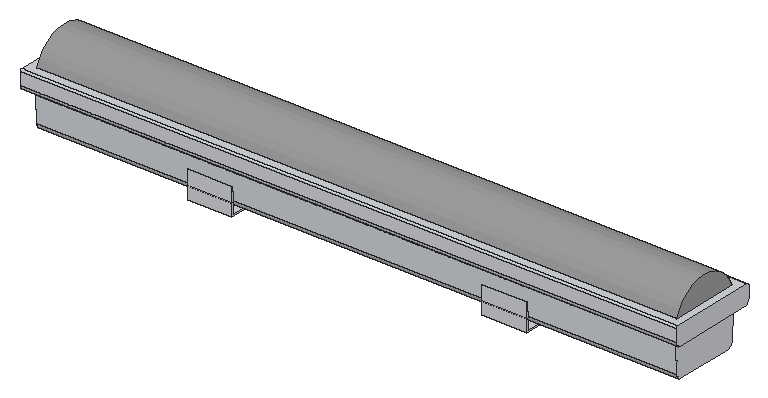
Revit family "0010203", category Lighting Fixtures, host Face, Revit 2017 (continued)
Types (60, lengths in mm): name | Weight | Wattage | TypeName | built-in parameter 1150134 | Photometric Web File | built-in parameter 1150142 | PowerFactor | PowerConsumption | NominalLength | Name | ModelReference | ModelNumber | Model | LuminousEfficacy | built-in parameter 1150105 | Lumens | LampNominalLuminous | LampMacAdamStep | LampColourTemperature | LENGHT_SYL | LENGHT_CHAMFER_SYL | LENGHT-_SYL | LENGHT-_CHAMFER_SYL | L0650_SYL | L1500_SYL | L1200_SYL | built-in parameter 1150107 | built-in parameter 1150106 | built-in parameter 1150104 | DocumentationLiterature | Description | BRACKET_WIDTH_SYL | BRACKET_DIST_SYL | Apparent Load
  0010209 RESISTO 1200 IP66 4800LM 830 | "1.54 kg" | 35 W | "Resisto  1200 IP66 4800lm 830" | (empty or 0) | "0010209.ies" | "IESNA:LM-63-2002\r\n[TEST] 0010209\r\n[TESTLAB]\r\n[MANUFAC] \r\n[LUMCAT]\r\n[LUMINAIRE] Resisto  1200 IP66 4800lm 830  /3000 \r\n[LAMP] 0010209 Resisto  1200 IP66 480/3000\r\n[BALLAST] \r\n[ISSUEDATE]\r\n[OTHER] B-Angle = 0.00 B-Tilt = 0.00 2021-02-16\r\nTILT=NONE\r\n1 4800.00 1 37 5 1 2 0.087 1.200 0.040\r\n1.0 1.0 35.00\r\n   0.00   5.00  10.00  15.00  20.00  25.00  30.00  35.00  40.00  45.00\r\n  50.00  55.00  60.00  65.00  70.00  75.00  80.00  85.00  90.00  95.00\r\n 100.00 105.00 110.00 115.00 120.00 125.00 130.00 135.00 140.00 145.00\r\n 150.00 155.00 160.00 165.00 170.00 175.00 180.00\r\n   0.00  22.50  45.00  67.50  90.00\r\n    1585.30    1578.91    1557.22    1520.74    1469.66    1401.70    1317.94\r\n    1219.39    1109.18     989.81     864.72     736.13     606.34     476.21\r\n     348.19     224.11     111.22      27.50       4.18       4.37       4.27\r\n       4.08       4.51       4.99       5.57       6.19       6.82       7.54\r\n       8.26       9.02       9.84      10.61      11.38      12.10      12.72\r\n      13.10      13.30\r\n    1585.30    1570.46    1538.98    1498.70    1452.77    1396.03    1324.27\r\n    1241.28    1151.66    1052.98     942.19     811.20     658.03     504.43\r\n     370.46     260.59     174.00     108.24      60.86      27.89      13.54\r\n       5.33       5.57       6.00       6.48       6.91       7.34       7.92\r\n       8.54       9.31      10.03      10.75      11.47      12.14      12.58\r\n      13.01      13.30\r\n    1585.30    1561.15    1534.03    1512.67    1473.50    1439.71    1393.78\r\n    1337.04    1254.29    1125.07     948.14     769.01     616.85     494.54\r\n     396.24     315.60     248.40     191.57     144.72     104.69      70.94\r\n      43.82      23.71      11.33       8.78       8.98       9.07       9.17\r\n       9.36       9.70      10.13      10.70      11.38      12.05      12.62\r\n      12.96      13.30\r\n    1585.30    1555.73    1542.58    1520.30    1508.74    1481.04    1448.88\r\n    1376.93    1246.27    1070.35     897.55     750.29     627.46     526.90\r\n     443.95     373.97     310.37     252.43     201.26     147.98      99.12\r\n      67.34      45.65      29.04      17.09      10.80      10.61      10.42\r\n      10.32      10.32      10.46      10.80      11.33      12.00      12.62\r\n      13.06      13.30\r\n    1585.30    1554.14    1545.98    1525.30    1522.85    1497.60    1461.26\r\n    1376.26    1223.62    1048.85     887.38     750.24     635.04     542.21\r\n     463.87     396.82     332.78     271.87     213.46     153.31     104.16\r\n      75.26      53.14      36.91      24.53      15.22      12.96      12.67\r\n      12.38      12.19      12.14      12.29      12.58      13.01      13.34\r\n      13.49      13.30\r\n" | 0.95 | "35 W" | 1200 | "Resisto  1200 IP66 4800lm 830" | "Resisto  1200 IP66 4800lm 830" | "0010209" | "Resisto  1200 IP66 4800lm 830" | "137 lm/W" | 1583.6 (stored number, unit not read) | 4795 lm | "4800 lm" | "5" | "3000 K" | 592 | 600 | -592 | -600 | no | no | yes | 3000 (stored number, unit not read) | 15.836 (stored number, unit not read) | 12.728 (stored number, unit not read) | "http://www.sylvania-lighting.com/product/en-int/products/0010209" | "Resisto, integrated LED weatherproof luminaire, with UV stabilized flat diffuser designed to achieve uniform lit appearance, optimise light output and to reduce glare. 301 stainless steel diffuser clips and fixing brackets for surface mounting. Polycarbonate housing and diffuser - no yellow discolouration over time. 4800lm; 35W; 137lm/W; 3000K; SDCM<5; non dimmable; CRI80; IP66; IK08; Class I; 69,000hrs (L80B20) lifespan; 1200mm x 89mm x 88mm; D-mark." | 400 | 444 | 35 VA
  0010208 RESISTO 1200 IP66 2800LM 830 | "1.5 kg" | 21 W | "Resisto  1200 IP66 2800lm 830" | (empty or 0) | "0010208.ies" | "IESNA:LM-63-2002\r\n[TEST] 0010208\r\n[TESTLAB]\r\n[MANUFAC] \r\n[LUMCAT]\r\n[LUMINAIRE] Resisto  1200 IP66 2800lm 830  /3000 \r\n[LAMP] 0010208 Resisto  1200 IP66 280/3000\r\n[BALLAST] \r\n[ISSUEDATE]\r\n[OTHER] B-Angle = 0.00 B-Tilt = 0.00 2021-02-16\r\nTILT=NONE\r\n1 2800.00 1 37 5 1 2 0.087 1.200 0.040\r\n1.0 1.0 21.00\r\n   0.00   5.00  10.00  15.00  20.00  25.00  30.00  35.00  40.00  45.00\r\n  50.00  55.00  60.00  65.00  70.00  75.00  80.00  85.00  90.00  95.00\r\n 100.00 105.00 110.00 115.00 120.00 125.00 130.00 135.00 140.00 145.00\r\n 150.00 155.00 160.00 165.00 170.00 175.00 180.00\r\n   0.00  22.50  45.00  67.50  90.00\r\n     920.25     916.16     903.39     881.58     851.51     811.86     762.22\r\n     704.59     640.53     571.26     498.57     424.09     349.02     273.95\r\n     200.48     129.08      64.18      16.44       2.49       2.46       2.55\r\n       2.35       2.52       2.80       3.14       3.47       3.84       4.26\r\n       4.68       5.12       5.60       6.05       6.50       6.92       7.25\r\n       7.48       7.62\r\n     920.25     914.98     897.79     871.81     841.74     808.05     766.30\r\n     716.74     662.82     605.22     542.33     469.95     385.36     297.58\r\n     218.79     153.41     101.86      62.69      34.80      15.71       7.48\r\n       2.97       3.14       3.39       3.67       3.92       4.20       4.54\r\n       4.93       5.35       5.77       6.19       6.61       6.97       7.25\r\n       7.48       7.62\r\n     920.25     910.73     890.32     876.46     854.70     830.14     805.45\r\n     771.12     727.55     658.70     561.04     455.90     364.20     290.72\r\n     232.06     184.27     144.65     111.30      83.92      60.73      41.41\r\n      25.65      13.89       6.47       4.98       5.10       5.15       5.21\r\n       5.32       5.52       5.77       6.10       6.50       6.89       7.22\r\n       7.45       7.62\r\n     920.25     907.14     893.34     883.18     871.08     858.73     838.96\r\n     802.51     735.45     635.46     532.84     443.74     370.30     309.90\r\n     260.18     218.51     181.36     147.64     118.24      88.48      59.44\r\n      40.32      27.13      17.16       9.97       6.16       6.05       5.96\r\n       5.91       5.94       5.99       6.19       6.50       6.92       7.28\r\n       7.53       7.62\r\n     920.25     906.22     895.47     885.05     880.82     867.13     850.36\r\n     806.85     725.45     623.59     526.46     444.02     375.09     319.23\r\n     272.75     233.07     196.00     160.72     127.26      92.93      62.80\r\n      45.22      31.75      22.06      14.62       8.99       7.48       7.28\r\n       7.11       7.00       6.97       7.06       7.22       7.48       7.67\r\n       7.73       7.62\r\n" | 0.95 | "21 W" | 1200 | "Resisto  1200 IP66 2800lm 830" | "Resisto  1200 IP66 2800lm 830" | "0010208" | "Resisto  1200 IP66 2800lm 830" | "133 lm/W" | 917.95 (stored number, unit not read) | 2793 lm | "2800 lm" | "5" | "3000 K" | 592 | 600 | -592 | -600 | no | no | yes | 3000 (stored number, unit not read) | 9.1795 (stored number, unit not read) | 12.356 (stored number, unit not read) | "http://www.sylvania-lighting.com/product/en-int/products/0010208" | "Resisto, integrated LED weatherproof luminaire, with UV stabilized flat diffuser designed to achieve uniform lit appearance, optimise light output and to reduce glare. 301 stainless steel diffuser clips and fixing brackets for surface mounting. Polycarbonate housing and diffuser - no yellow discolouration over time. 2800lm; 21W; 133lm/W; 3000K; SDCM<5; non dimmable; CRI80; IP66; IK08; Class I; 69,000hrs (L80B20) lifespan; 1200mm x 89mm x 88mm; D-mark." | 400 | 444 | 21 VA
  0010207 RESISTO 600 HE IP66 2500LM 840 | "0.96 kg" | 16 W | "Resisto  600 HE IP66 2500lm 840" | 12 | "0010207.ies" | "IESNA:LM-63-2002\r\n[TEST] 0010207\r\n[TESTLAB]\r\n[MANUFAC] \r\n[LUMCAT]\r\n[LUMINAIRE] Resisto  600 HE IP66 2500lm 84 0 /4000 \r\n[LAMP] 0010207 Resisto  600 HE IP66 2/4000\r\n[BALLAST] \r\n[ISSUEDATE]\r\n[OTHER] B-Angle = 0.00 B-Tilt = 0.00 2021-03-05\r\nTILT=NONE\r\n1 2500.00 1 37 5 1 2 0.087 0.650 0.040\r\n1.0 1.0 16.00\r\n   0.00   5.00  10.00  15.00  20.00  25.00  30.00  35.00  40.00  45.00\r\n  50.00  55.00  60.00  65.00  70.00  75.00  80.00  85.00  90.00  95.00\r\n 100.00 105.00 110.00 115.00 120.00 125.00 130.00 135.00 140.00 145.00\r\n 150.00 155.00 160.00 165.00 170.00 175.00 180.00\r\n   0.00  22.50  45.00  67.50  90.00\r\n     830.35     826.77     815.65     796.35     769.80     733.90     687.10\r\n     631.00     568.85     502.48     434.38     366.07     298.45     231.30\r\n     165.90     102.83      45.80       7.25       2.73       2.85       1.60\r\n       1.83       2.13       2.45       2.78       0.00       0.00       0.00\r\n       0.00       0.00       0.00       0.00       0.00       0.00       0.00\r\n       0.00       0.00\r\n     830.35     825.15     809.52     787.62     763.97     736.75     701.70\r\n     659.75     616.40     567.70     508.68     435.22     345.37     256.22\r\n     182.37     125.97      84.43      53.47      30.72      13.75       8.08\r\n       3.70       2.78       3.00       3.20       0.00       0.00       0.00\r\n       0.00       0.00       0.00       0.00       0.00       0.00       0.00\r\n       0.00       0.00\r\n     830.35     821.88     804.78     796.85     779.45     767.47     753.82\r\n     728.53     688.35     614.52     508.15     398.82     309.48     242.85\r\n     194.48     156.70     124.20      95.70      72.47      53.90      35.13\r\n      21.78      12.30       6.65       4.07       0.00       0.00       0.00\r\n       0.00       0.00       0.00       0.00       0.00       0.00       0.00\r\n       0.00       0.00\r\n     830.35     818.87     808.75     802.85     800.52     799.27     787.30\r\n     753.27     680.73     576.05     471.25     384.20     317.65     267.70\r\n     229.07     194.68     162.00     132.00     105.23      76.30      47.05\r\n      30.55      20.57      13.35       8.55       0.00       0.00       0.00\r\n       0.00       0.00       0.00       0.00       0.00       0.00       0.00\r\n       0.00       0.00\r\n     830.35     817.85     810.58     803.90     809.80     805.75     795.50\r\n     752.65     667.90     562.43     463.85     384.70     323.22     278.02\r\n     240.67     206.57     173.65     142.90     111.53      76.53      48.58\r\n      32.47      22.87      16.15      11.22       0.00       0.00       0.00\r\n       0.00       0.00       0.00       0.00       0.00       0.00       0.00\r\n       0.00       0.00\r\n" | 0.95 | "16 W" | 650 | "Resisto  600 HE IP66 2500lm 840" | "Resisto  600 HE IP66 2500lm 840" | "0010207" | "Resisto  600 HE IP66 2500lm 840" | "156 lm/W" | 829.02 (stored number, unit not read) | 2496 lm | "2500 lm" | "3" | "4000 K" | 317 | 325 | -317 | -325 | yes | no | no | 4000 (stored number, unit not read) | 8.2902 (stored number, unit not read) | 14.493 (stored number, unit not read) | "http://www.sylvania-lighting.com/product/en-int/products/0010207" | "Resisto, integrated LED weatherproof luminaire, with UV stabilized flat diffuser designed to achieve uniform lit appearance, optimise light output and to reduce glare. 301 stainless steel diffuser clips and fixing brackets for surface mounting. Polycarbonate housing and diffuser - no yellow discolouration over time. 2500lm; 16W; 156lm/W; 4000K; SDCM<3; non dimmable; CRI80; IP66; IK08; Class I; 69,000hrs (L80B20) lifespan; 650mm x 89mm x 88mm; D-mark." | 125 | 169 | 16 VA
  0010206 RESISTO 600 HE IP66 1400LM 840 | "0.88 kg" | 10 W | "Resisto  600 HE IP66 1400lm 840" | 12 | "0010206.ies" | "IESNA:LM-63-2002\r\n[TEST] 0010206\r\n[TESTLAB]\r\n[MANUFAC] \r\n[LUMCAT]\r\n[LUMINAIRE] Resisto  600 HE IP66 1400lm 84 0 /4000 \r\n[LAMP] 0010206 Resisto  600 HE IP66 1/4000\r\n[BALLAST] \r\n[ISSUEDATE]\r\n[OTHER] B-Angle = 0.00 B-Tilt = 0.00 2021-03-05\r\nTILT=NONE\r\n1 1400.00 1 37 5 1 2 0.087 0.650 0.040\r\n1.0 1.0 10.00\r\n   0.00   5.00  10.00  15.00  20.00  25.00  30.00  35.00  40.00  45.00\r\n  50.00  55.00  60.00  65.00  70.00  75.00  80.00  85.00  90.00  95.00\r\n 100.00 105.00 110.00 115.00 120.00 125.00 130.00 135.00 140.00 145.00\r\n 150.00 155.00 160.00 165.00 170.00 175.00 180.00\r\n   0.00  22.50  45.00  67.50  90.00\r\n     479.25     477.57     471.65     461.23     445.65     423.95     395.77\r\n     363.48     327.88     289.83     250.74     211.32     172.44     134.29\r\n      97.34      60.87      27.66       4.98       1.72       1.69       0.88\r\n       0.99       1.18       1.34       1.54       1.72       1.92       2.13\r\n       2.38       2.62       2.84       3.07       3.26       3.46       3.64\r\n       3.75       3.84\r\n     479.25     475.71     466.79     454.13     440.15     423.21     400.57\r\n     374.56     347.02     318.05     284.24     243.75     194.89     145.17\r\n     102.82      69.82      45.42      27.57      14.91       5.84       3.35\r\n       1.55       1.51       1.62       1.78       1.92       2.07       2.24\r\n       2.44       2.65       2.86       3.08       3.30       3.51       3.68\r\n       3.78       3.84\r\n     479.25     472.91     463.23     457.70     446.73     438.05     427.52\r\n     409.30     384.20     341.39     281.43     219.70     169.22     131.53\r\n     104.24      82.99      65.02      49.62      37.17      27.19      17.72\r\n      10.96       6.01       3.11       2.21       2.30       2.39       2.48\r\n       2.56       2.70       2.87       3.05       3.26       3.49       3.68\r\n       3.81       3.84\r\n     479.25     470.61     465.39     459.96     457.48     453.19     443.48\r\n     421.26     377.31     317.13     257.96     208.63     171.39     143.16\r\n     121.04     101.56      83.79      68.07      54.26      39.72      24.79\r\n      16.38      10.95       6.99       4.38       2.77       2.72       2.74\r\n       2.79       2.83       2.93       3.05       3.25       3.47       3.70\r\n       3.84       3.84\r\n     479.25     470.22     465.99     460.25     462.66     456.62     447.45\r\n     418.67     366.84     306.14     250.91     207.07     173.42     148.41\r\n     127.50     108.51      90.75      74.55      58.07      40.07      26.03\r\n      17.91      12.64       8.92       6.09       4.03       3.37       3.35\r\n       3.33       3.35       3.37       3.47       3.63       3.79       3.95\r\n       3.95       3.84\r\n" | 0.9 | "10 W" | 650 | "Resisto  600 HE IP66 1400lm 840" | "Resisto  600 HE IP66 1400lm 840" | "0010206" | "Resisto  600 HE IP66 1400lm 840" | "140 lm/W" | 479.25 (stored number, unit not read) | 1400 lm | "1400 lm" | "3" | "4000 K" | 317 | 325 | -317 | -325 | yes | no | no | 4000 (stored number, unit not read) | 4.7925 (stored number, unit not read) | 13.006 (stored number, unit not read) | "http://www.sylvania-lighting.com/product/en-int/products/0010206" | "Resisto, integrated LED weatherproof luminaire, with UV stabilized flat diffuser designed to achieve uniform lit appearance, optimise light output and to reduce glare. 301 stainless steel diffuser clips and fixing brackets for surface mounting. Polycarbonate housing and diffuser - no yellow discolouration over time. 1400lm; 10W; 140lm/W; 4000K; SDCM<3; non dimmable; CRI80; IP66; IK08; Class I; 69,000hrs (L80B20) lifespan; 650mm x 89mm x 88mm; D-mark." | 125 | 169 | 10 VA
  0010205 RESISTO 600 IP66 2500LM 865 | "0.88 kg" | 19 W | "Resisto  600 IP66 2500lm 865" | 1 | "0010205.ies" | "IESNA:LM-63-2002\r\n[TEST] 0010205\r\n[TESTLAB]\r\n[MANUFAC] \r\n[LUMCAT]\r\n[LUMINAIRE] Resisto  600 IP66 2500lm 865  /6500 \r\n[LAMP] 0010205 Resisto  600 IP66 2500/6500\r\n[BALLAST] \r\n[ISSUEDATE]\r\n[OTHER] B-Angle = 0.00 B-Tilt = 0.00 2021-02-16\r\nTILT=NONE\r\n1 2500.00 1 37 5 1 2 0.087 0.650 0.040\r\n1.0 1.0 19.00\r\n   0.00   5.00  10.00  15.00  20.00  25.00  30.00  35.00  40.00  45.00\r\n  50.00  55.00  60.00  65.00  70.00  75.00  80.00  85.00  90.00  95.00\r\n 100.00 105.00 110.00 115.00 120.00 125.00 130.00 135.00 140.00 145.00\r\n 150.00 155.00 160.00 165.00 170.00 175.00 180.00\r\n   0.00  22.50  45.00  67.50  90.00\r\n     830.35     826.77     815.65     796.35     769.80     733.90     687.10\r\n     631.00     568.85     502.48     434.38     366.07     298.45     231.30\r\n     165.90     102.83      45.80       7.25       2.73       2.85       1.60\r\n       1.83       2.13       2.45       2.78       0.00       0.00       0.00\r\n       0.00       0.00       0.00       0.00       0.00       0.00       0.00\r\n       0.00       0.00\r\n     830.35     825.15     809.52     787.62     763.97     736.75     701.70\r\n     659.75     616.40     567.70     508.68     435.22     345.37     256.22\r\n     182.37     125.97      84.43      53.47      30.72      13.75       8.08\r\n       3.70       2.78       3.00       3.20       0.00       0.00       0.00\r\n       0.00       0.00       0.00       0.00       0.00       0.00       0.00\r\n       0.00       0.00\r\n     830.35     821.88     804.78     796.85     779.45     767.47     753.82\r\n     728.53     688.35     614.52     508.15     398.82     309.48     242.85\r\n     194.48     156.70     124.20      95.70      72.47      53.90      35.13\r\n      21.78      12.30       6.65       4.07       0.00       0.00       0.00\r\n       0.00       0.00       0.00       0.00       0.00       0.00       0.00\r\n       0.00       0.00\r\n     830.35     818.87     808.75     802.85     800.52     799.27     787.30\r\n     753.27     680.73     576.05     471.25     384.20     317.65     267.70\r\n     229.07     194.68     162.00     132.00     105.23      76.30      47.05\r\n      30.55      20.57      13.35       8.55       0.00       0.00       0.00\r\n       0.00       0.00       0.00       0.00       0.00       0.00       0.00\r\n       0.00       0.00\r\n     830.35     817.85     810.58     803.90     809.80     805.75     795.50\r\n     752.65     667.90     562.43     463.85     384.70     323.22     278.02\r\n     240.67     206.57     173.65     142.90     111.53      76.53      48.58\r\n      32.47      22.87      16.15      11.22       0.00       0.00       0.00\r\n       0.00       0.00       0.00       0.00       0.00       0.00       0.00\r\n       0.00       0.00\r\n" | 1 | "19 W" | 650 | "Resisto  600 IP66 2500lm 865" | "Resisto  600 IP66 2500lm 865" | "0010205" | "Resisto  600 IP66 2500lm 865" | "132 lm/W" | 833.01 (stored number, unit not read) | 2508 lm | "2500 lm" | "5" | "6500 K" | 317 | 325 | -317 | -325 | yes | no | no | 6500 (stored number, unit not read) | 8.3301 (stored number, unit not read) | 12.263 (stored number, unit not read) | "http://www.sylvania-lighting.com/product/en-int/products/0010205" | "Resisto, integrated LED weatherproof luminaire, with UV stabilized flat diffuser designed to achieve uniform lit appearance, optimise light output and to reduce glare. 301 stainless steel diffuser clips and fixing brackets for surface mounting. Polycarbonate housing and diffuser - no yellow discolouration over time. 2500lm; 19W; 132lm/W; 6500K; SDCM<5; non dimmable; CRI80; IP66; IK08; Class I; 69,000hrs (L80B20) lifespan; 650mm x 89mm x 88mm; D-mark." | 125 | 169 | 19 VA
  0010204 RESISTO 600 IP66 1600LM 865 | "0.88 kg" | 12 W | "Resisto  600 IP66 1600lm 865" | 1 | "0010204.ies" | "IESNA:LM-63-2002\r\n[TEST] 0010204\r\n[TESTLAB]\r\n[MANUFAC] \r\n[LUMCAT]\r\n[LUMINAIRE] Resisto  600 IP66 1600lm 865  /6500 \r\n[LAMP] 0010204 Resisto  600 IP66 1600/6500\r\n[BALLAST] \r\n[ISSUEDATE]\r\n[OTHER] B-Angle = 0.00 B-Tilt = 0.00 2021-02-16\r\nTILT=NONE\r\n1 1600.00 1 37 5 1 2 0.087 0.650 0.040\r\n1.0 1.0 12.00\r\n   0.00   5.00  10.00  15.00  20.00  25.00  30.00  35.00  40.00  45.00\r\n  50.00  55.00  60.00  65.00  70.00  75.00  80.00  85.00  90.00  95.00\r\n 100.00 105.00 110.00 115.00 120.00 125.00 130.00 135.00 140.00 145.00\r\n 150.00 155.00 160.00 165.00 170.00 175.00 180.00\r\n   0.00  22.50  45.00  67.50  90.00\r\n     547.71     545.79     539.02     527.12     509.31     484.51     452.30\r\n     415.41     374.72     331.23     286.56     241.50     197.07     153.47\r\n     111.25      69.57      31.62       5.70       1.97       1.94       1.01\r\n       1.14       1.34       1.54       1.76       1.97       2.19       2.43\r\n       2.72       2.99       3.25       3.50       3.73       3.95       4.16\r\n       4.29       4.38\r\n     547.71     543.66     533.47     519.01     503.02     483.66     457.79\r\n     428.06     396.59     363.49     324.85     278.58     222.74     165.90\r\n     117.50      79.79      51.90      31.50      17.04       6.67       3.82\r\n       1.78       1.73       1.86       2.03       2.19       2.37       2.56\r\n       2.78       3.02       3.26       3.52       3.78       4.02       4.21\r\n       4.32       4.38\r\n     547.71     540.46     529.41     523.09     510.54     500.62     488.59\r\n     467.78     439.09     390.16     321.63     251.09     193.39     150.32\r\n     119.14      94.85      74.30      56.70      42.48      31.07      20.26\r\n      12.53       6.86       3.55       2.53       2.62       2.74       2.83\r\n       2.93       3.09       3.28       3.49       3.73       3.98       4.21\r\n       4.35       4.38\r\n     547.71     537.84     531.87     525.66     522.83     517.94     506.83\r\n     481.44     431.22     362.43     294.82     238.43     195.87     163.62\r\n     138.34     116.06      95.76      77.79      62.02      45.39      28.34\r\n      18.72      12.51       7.98       5.01       3.17       3.10       3.14\r\n       3.18       3.23       3.34       3.49       3.71       3.97       4.22\r\n       4.38       4.38\r\n     547.71     537.39     532.56     526.00     528.75     521.86     511.38\r\n     478.48     419.25     349.87     286.75     236.66     198.19     169.62\r\n     145.71     124.02     103.71      85.20      66.37      45.79      29.74\r\n      20.46      14.45      10.19       6.96       4.61       3.86       3.82\r\n       3.81       3.82       3.86       3.97       4.14       4.34       4.51\r\n       4.51       4.38\r\n" | 0.9 | "12 W" | 650 | "Resisto  600 IP66 1600lm 865" | "Resisto  600 IP66 1600lm 865" | "0010204" | "Resisto  600 IP66 1600lm 865" | "133 lm/W" | 546.34 (stored number, unit not read) | 1596 lm | "1600 lm" | "5" | "6500 K" | 317 | 325 | -317 | -325 | yes | no | no | 6500 (stored number, unit not read) | 5.4634 (stored number, unit not read) | 12.356 (stored number, unit not read) | "http://www.sylvania-lighting.com/product/en-int/products/0010204" | "Resisto, integrated LED weatherproof luminaire, with UV stabilized flat diffuser designed to achieve uniform lit appearance, optimise light output and to reduce glare. 301 stainless steel diffuser clips and fixing brackets for surface mounting. Polycarbonate housing and diffuser - no yellow discolouration over time. 1600lm; 12W; 133lm/W; 6500K; SDCM<5; non dimmable; CRI80; IP66; IK08; Class I; 69,000hrs (L80B20) lifespan; 650mm x 89mm x 88mm; D-mark." | 125 | 169 | 12 VA
  0010203 RESISTO 600 IP66 2500LM 840 | "10.2 kg" | 19 W | "Resisto  600 IP66 2500lm 840" | 12 | "0010203.ies" | "IESNA:LM-63-2002\r\n[TEST] 0010203\r\n[TESTLAB] Sylvania\r\n[TESTDATE] 5 Nov 2020\r\n[ISSUEDATE] 5 Nov 2020\r\n[MANUFAC] Sylvania\r\n[LUMCAT] 0010203\r\n[LUMINAIRE] Resisto  600 IP65 2500lm 840\r\n[FLASHAREA] 0.038908\r\n[LAMPCAT] 0010203 Resisto  600 IP65 2500lm 840\r\n[LAMP] 0010203 Resisto  600 IP65 2500lm 840\r\n[OTHER] Absolute Photometry\r\nTILT=NONE\r\n1 -1 1.0 37 5 1 2 0.087 0.650 0.040\r\n1.00 1.00 19.00\r\n0.00 5.00 10.00 15.00 20.00 25.00 30.00 35.00 40.00 45.00 \r\n50.00 55.00 60.00 65.00 70.00 75.00 80.00 85.00 90.00 \r\n95.00 100.00 105.00 110.00 115.00 120.00 125.00 130.00 \r\n135.00 140.00 145.00 150.00 155.00 160.00 165.00 170.00 \r\n175.00 180.00 \r\n0.00 22.50 45.00 67.50 90.00 \r\n830.34 826.78 815.65 796.34 769.81 733.90 687.10 631.01 \r\n568.85 502.48 434.38 366.08 298.45 231.31 165.90 102.82 \r\n45.79 7.26 2.72 2.85 1.61 1.83 2.13 2.45 2.76 0.00 0.00 \r\n0.00 0.00 0.00 0.00 0.00 0.00 0.00 0.00 0.00 0.00 \r\n830.34 825.16 809.53 787.61 763.97 736.74 701.71 659.75 \r\n616.41 567.71 508.67 435.23 345.38 256.22 182.38 125.97 \r\n84.42 53.46 30.73 13.75 8.09 3.69 2.78 3.00 3.20 0.00 \r\n0.00 0.00 0.00 0.00 0.00 0.00 0.00 0.00 0.00 0.00 0.00 \r\n830.34 821.88 804.79 796.84 779.45 767.48 753.82 728.53 \r\n688.35 614.52 508.16 398.82 309.48 242.85 194.48 156.71 \r\n124.20 95.70 72.48 53.89 35.12 21.77 12.31 6.66 4.07 0.00 \r\n0.00 0.00 0.00 0.00 0.00 0.00 0.00 0.00 0.00 0.00 0.00 \r\n830.34 818.87 808.75 802.84 800.52 799.27 787.30 753.27 \r\n680.73 576.04 471.24 384.19 317.66 267.71 229.06 194.68 \r\n162.00 132.00 105.23 76.29 47.05 30.54 20.58 13.35 8.56 \r\n0.00 0.00 0.00 0.00 0.00 0.00 0.00 0.00 0.00 0.00 0.00 \r\n0.00 \r\n830.34 817.86 810.57 803.89 809.79 805.74 795.50 752.66 \r\n667.91 562.42 463.84 384.71 323.21 278.03 240.67 206.57 \r\n173.65 142.91 111.52 76.52 48.57 32.47 22.88 16.16 11.24 \r\n0.00 0.00 0.00 0.00 0.00 0.00 0.00 0.00 0.00 0.00 0.00 \r\n0.00 \r\n" | 0.95 | "19.0 W" | 650 | "Resisto  600 IP66 2500lm 840" | "Resisto  600 IP66 2500lm 840" | "0010203" | "Resisto  600 IP66 2500lm 840" | "132 lm/W" | -2082492.7 (stored number, unit not read) | 2508 lm | "2500 lm" | "5" | "4000 K" | 317 | 325 | -317 | -325 | yes | no | no | 4000 (stored number, unit not read) | -20824.9 (stored number, unit not read) | 12.263 (stored number, unit not read) | "http://www.sylvania-lighting.com/product/en-int/products/0010203" | "Resisto, integrated LED weatherproof luminaire, with UV stabilized flat diffuser designed to achieve uniform lit appearance, optimise light output and to reduce glare. 301 stainless steel diffuser clips and fixing brackets for surface mounting. Polycarbonate housing and diffuser - no yellow discolouration over time. 2500lm; 19W; 132lm/W; 4000K; SDCM<5; non dimmable; CRI80; IP66; IK08; Class I; 69,000hrs (L80B20) lifespan; 650mm x 89mm x 88mm; D-mark." | 125 | 169 | 19 VA
  0010202 RESISTO 600 IP66 1600LM 840 | "10.2 kg" | 12 W | "Resisto  600 IP66 1600lm 840" | 12 | "0010202.ies" | "IESNA:LM-63-2002\r\n[TEST] 0010202\r\n[TESTLAB] Sylvania\r\n[TESTDATE] 3 Nov 2020\r\n[ISSUEDATE] 3 Nov 2020\r\n[MANUFAC] Sylvania\r\n[LUMCAT] 0010202\r\n[LUMINAIRE] Resisto  600 IP65 1600lm 840\r\n[FLASHAREA] 0.038908\r\n[LAMPCAT] 0010202 Resisto  600 IP65 1600lm 840\r\n[LAMP] 0010202 Resisto  600 IP65 1600lm 840\r\n[OTHER] Absolute Photometry\r\nTILT=NONE\r\n1 -1 1.0 37 5 1 2 0.087 0.650 0.040\r\n1.00 1.00 12.00\r\n0.00 5.00 10.00 15.00 20.00 25.00 30.00 35.00 40.00 45.00 \r\n50.00 55.00 60.00 65.00 70.00 75.00 80.00 85.00 90.00 \r\n95.00 100.00 105.00 110.00 115.00 120.00 125.00 130.00 \r\n135.00 140.00 145.00 150.00 155.00 160.00 165.00 170.00 \r\n175.00 180.00 \r\n0.00 22.50 45.00 67.50 90.00 \r\n547.70 545.80 539.03 527.11 509.32 484.51 452.30 415.41 \r\n374.71 331.24 286.56 241.51 197.06 153.48 111.24 69.57 \r\n31.61 5.69 1.97 1.94 1.01 1.13 1.34 1.53 1.76 1.96 2.19 \r\n2.44 2.72 2.99 3.26 3.50 3.73 3.96 4.16 4.29 4.39 \r\n547.70 543.66 533.46 519.01 503.02 483.67 457.80 428.07 \r\n396.60 363.48 324.85 278.57 222.74 165.91 117.51 79.79 \r\n51.91 31.51 17.03 6.67 3.83 1.78 1.74 1.85 2.03 2.19 2.37 \r\n2.57 2.78 3.02 3.27 3.53 3.78 4.01 4.20 4.31 4.39 \r\n547.70 540.47 529.40 523.08 510.55 500.63 488.59 467.78 \r\n439.08 390.16 321.63 251.08 193.39 150.32 119.13 94.85 \r\n74.31 56.70 42.47 31.08 20.26 12.53 6.86 3.56 2.52 2.63 \r\n2.74 2.82 2.93 3.09 3.28 3.48 3.73 3.99 4.20 4.34 4.39 \r\n547.70 537.84 531.87 525.66 522.83 517.93 506.83 481.44 \r\n431.22 362.43 294.82 238.44 195.87 163.61 138.33 116.07 \r\n95.76 77.79 62.01 45.39 28.33 18.73 12.52 7.99 5.00 3.17 \r\n3.10 3.14 3.18 3.23 3.34 3.49 3.72 3.97 4.23 4.39 4.39 \r\n547.70 537.40 532.56 525.99 528.75 521.85 511.38 478.47 \r\n419.25 349.88 286.76 236.66 198.19 169.62 145.71 124.02 \r\n103.72 85.21 66.37 45.79 29.74 20.47 14.45 10.19 6.96 \r\n4.60 3.85 3.82 3.81 3.82 3.86 3.97 4.14 4.33 4.51 4.52 \r\n4.39 \r\n" | 0.9 | "12.0 W" | 650 | "Resisto  600 IP66 1600lm 840" | "Resisto  600 IP66 1600lm 840" | "0010202" | "Resisto  600 IP66 1600lm 840" | "133 lm/W" | -874129.2 (stored number, unit not read) | 1596 lm | "1600 lm" | "5" | "4000 K" | 317 | 325 | -317 | -325 | yes | no | no | 4000 (stored number, unit not read) | -8741.3 (stored number, unit not read) | 12.356 (stored number, unit not read) | "http://www.sylvania-lighting.com/product/en-int/products/0010202" | "Resisto, integrated LED weatherproof luminaire, with UV stabilized flat diffuser designed to achieve uniform lit appearance, optimise light output and to reduce glare. 301 stainless steel diffuser clips and fixing brackets for surface mounting. Polycarbonate housing and diffuser - no yellow discolouration over time. 1600lm; 12W; 133lm/W; 4000K; SDCM<5; non dimmable; CRI80; IP66; IK08; Class I; 69,000hrs (L80B20) lifespan; 650mm x 89mm x 88mm; D-mark." | 125 | 169 | 12 VA
  0010279 RESISTO 1500 HE IP66 DALI 8300LM 840 | "2.01 kg" | 54 W | "Resisto 1500 HE IP66 DALI 8300lm 840" | 12 | "0010279.ies" | "IESNA:LM-63-2002\r\n[TEST] 0010279\r\n[TESTLAB]\r\n[MANUFAC] \r\n[LUMCAT]\r\n[LUMINAIRE] Resisto 1500 HE IP66 DALI 8300 lm 840 /4000 \r\n[LAMP] 0010279 Resisto 1500 HE IP66 D/4000\r\n[BALLAST] \r\n[ISSUEDATE]\r\n[OTHER] B-Angle = 0.00 B-Tilt = 0.00 2021-03-05\r\nTILT=NONE\r\n1 8300.00 1 37 5 1 2 0.087 1.500 0.040\r\n1.0 1.0 54.00\r\n   0.00   5.00  10.00  15.00  20.00  25.00  30.00  35.00  40.00  45.00\r\n  50.00  55.00  60.00  65.00  70.00  75.00  80.00  85.00  90.00  95.00\r\n 100.00 105.00 110.00 115.00 120.00 125.00 130.00 135.00 140.00 145.00\r\n 150.00 155.00 160.00 165.00 170.00 175.00 180.00\r\n   0.00  22.50  45.00  67.50  90.00\r\n    2767.64    2754.19    2717.67    2656.25    2570.26    2461.03    2323.00\r\n    2158.58    1973.49    1774.13    1564.55    1351.49    1135.77     916.32\r\n     691.56     459.82     236.63      61.25       7.06       7.39       7.72\r\n       7.88       8.30       8.96       9.79      10.79      11.87      13.03\r\n      14.36      15.77      17.18      18.59      19.84      21.00      22.00\r\n      22.66      23.07\r\n    2767.64    2746.30    2684.80    2600.39    2510.42    2413.81    2302.67\r\n    2179.25    2049.85    1914.31    1748.89    1527.45    1242.01     935.00\r\n     664.58     452.02     296.48     182.27     103.00      49.47      24.15\r\n       9.63       9.79      10.46      11.29      11.95      12.70      13.61\r\n      14.69      15.85      17.01      18.26      19.42      20.58      21.50\r\n      22.24      23.07\r\n    2767.64    2722.15    2641.72    2593.67    2538.06    2499.79    2478.55\r\n    2421.19    2300.18    2054.25    1691.13    1316.13    1014.68     789.33\r\n     619.35     490.03     384.95     294.73     223.19     166.83     114.46\r\n      69.89      39.34      20.09      15.19      15.27      15.36      15.36\r\n      15.69      16.43      17.26      18.26      19.26      20.34      21.25\r\n      22.00      23.07\r\n    2767.64    2705.39    2641.47    2612.51    2609.77    2634.34    2608.77\r\n    2494.65    2234.61    1857.54    1500.81    1220.10     995.92     823.03\r\n     695.71     588.72     481.07     386.20     309.01     226.51     140.69\r\n      94.21      62.25      40.50      25.56      17.10      16.93      16.93\r\n      16.85      16.85      17.43      18.26      19.26      20.25      21.25\r\n      22.08      23.07\r\n    2767.64    2692.94    2645.63    2621.31    2660.15    2672.93    2634.01\r\n    2467.42    2149.37    1775.54    1458.06    1204.25    1001.06     850.25\r\n     735.05     627.40     515.01     414.83     324.45     220.28     137.12\r\n      98.19      69.89      50.63      35.36      23.99      20.58      20.34\r\n      20.25      20.00      20.17      20.83      21.66      22.41      23.07\r\n      23.32      23.07\r\n" | 0.99 | "54 W" | 1500 | "Resisto 1500 HE IP66 DALI 8300lm 840" | "Resisto 1500 HE IP66 DALI 8300lm 840" | "0010279" | "Resisto 1500 HE IP66 DALI 8300lm 840" | "154 lm/W" | 2773 (stored number, unit not read) | 8316 lm | "8300 lm" | "3" | "4000 K" | 742 | 750 | -742 | -750 | no | yes | no | 4000 (stored number, unit not read) | 27.73 (stored number, unit not read) | 14.307 (stored number, unit not read) | "http://www.sylvania-lighting.com/product/en-int/products/0010279" | "Resisto, integrated LED weatherproof luminaire, with UV stabilized flat diffuser designed to achieve uniform lit appearance, optimise light output and to reduce glare. 301 stainless steel diffuser clips and fixing brackets for surface mounting. Polycarbonate housing and diffuser - no yellow discolouration over time. 8300lm; 54W; 154lm/W; 4000K; SDCM<3; DALI dimmable; CRI80; IP66; IK08; Class I; 69,000hrs (L80B20) lifespan; 1500mm x 89mm x 88mm; D-mark." | 550 | 594 | 54 VA
